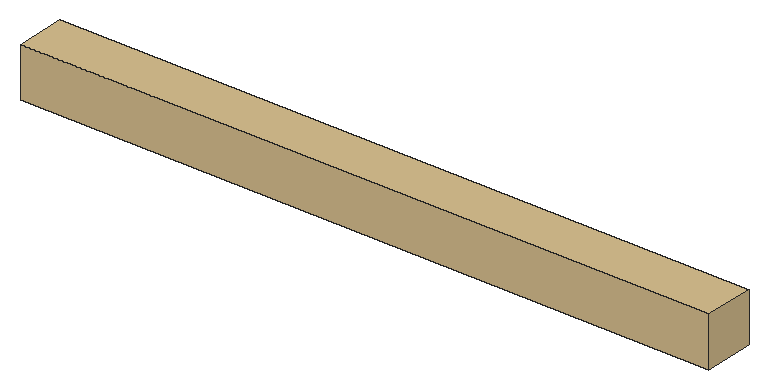
Revit family "Techlam Standard Beam-88mm", category Structural Framing, Revit 2016
Family settings
  Structural Framing Length Roundoff = 1 mm
  Section Shape = Not Defined
  Material for Model Behavior = Wood
  Always export as geometry = No
  Always vertical = Yes
  Cut with Voids When Loaded = No
  Symbolic Representation = From Project Settings
  Shared = No
  Show family pre-cut in plan views = Yes
Parameters (values of type "88 x 88")
  Structural Material [instance] = Wood - Dimensional Lumber
  Length [instance] = 1524 mm
  b = 88 mm
  d = 88 mm
  Angle [instance] = 0.00°
Types (22, lengths in mm): name | d
  (no name) | 88
  88 x 88 | 88
  135 x 88 | 135
  140 x 88 | 140
  180 x 88 | 180
  190 x 88 | 190
  225 x 88 | 225
  240 x 88 | 240
  270 x 88 | 270
  290 x 88 | 290
  315 x 88 | 315
  360 x 88 | 360
  405 x 88 | 405
  450 x 88 | 450
  495 x 88 | 495
  540 x 88 | 540
  585 x 88 | 585
  630 x 88 | 630
  675 x 88 | 675
  720 x 88 | 720
  765 x 88 | 765
  810 x 88 | 810
Reference planes
  plane 1 "Center (Front/Back)": y = 0
  plane 2: z = 0
  plane 3 "Center (Left/Right)": x = 4.61
  plane 4 "Member Left": x = -604.99
  plane 5 "Member Right": x = 614.21
  plane 6: y = 44
  plane 7: y = -44
  plane 8: z = 44
  plane 9: z = -44
  plane 10 "Left": x = -757.39
  plane 11 "Right": x = 766.61
Forms (mm)
  Sweep 1, solid, material "Wood - Dimensional Lumber" <- "Structural Material", detail levels medium+fine
    path origin (0, 0, 0) x (1, 0, 0) y (0, 1, 0)
      loop
        line (614.21, 0) -> (-604.99, 0)
    profile "M_Rectangular Wood Beam-Profile : M_Rectangular Wood Beam-Profile" origin (4.61, 0, 0) x (0, -1, 0) y (0, 0, 1)
      loop
        line (-44, -44) -> (44, -44) -> (44, 44) -> (-44, 44) -> (-44, -44)
Lines and regions (mm)
  reference lines
    curve 1: line (4.61, 0, 0) -> (4.61, 0, 75)
  symbolic lines, style "Stick Symbols", detail levels coarse
    curve 2: line (4.61, 44, 44) -> (4.61, -44, 44)
    curve 3: line (4.61, -44, -44) -> (4.61, 44, -44)
    curve 4: line (4.61, -44, 44) -> (4.61, -44, -44)
    curve 5: line (4.61, 44, -44) -> (4.61, 44, 44)
Dimensions and locks
  "b": plane 6 to plane 7
  "d": plane 9 to plane 8
  equal spacing: plane 9, plane 2, plane 8
  equal spacing: plane 6, plane 1 "Center (Front/Back)", plane 7
  "Length": plane 10 "Left" to plane 11 "Right"
  "Angle": angle plane 1 "Center (Front/Back)" to curve 1
  aligned and locked: Sweep 1 sketch curve to plane 1 "Center (Front/Back)"
  aligned and locked: curve 2 to Sweep 1
  aligned and locked: curve 3 to Sweep 1
  aligned and locked: curve 4 to Sweep 1
  aligned and locked: curve 5 to Sweep 1
  aligned and locked: plane 4 "Member Left" to Sweep 1 sketch curve
  aligned and locked: plane 5 "Member Right" to Sweep 1 sketch curve
Automatic sketch dimensions
  curve 1 to plane 1 "Center (Front/Back)" = 0 mm
  curve 1 to level = 0 mm
